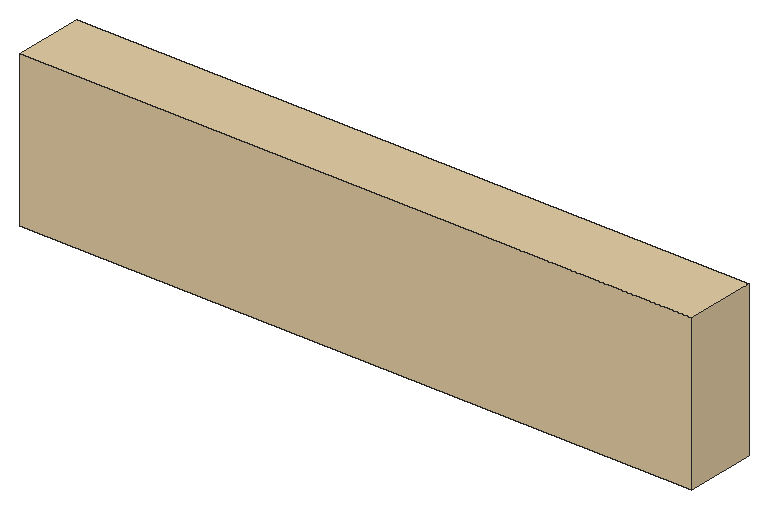
Revit family "491c92d0595d493aaf71913fa4e7071d", category Structural Framing, Revit 2021
Family settings
  Structural Framing Length Roundoff = 0' - 0"
  Section Shape = Not Defined
  Material for Model Behavior = Wood
  Always export as geometry = No
  OmniClass Number = 23.25.30.11.14.14
  OmniClass Title = Beams
  Seek Item ID = Glulam-Southern Pine-0000-USA-ENU
  Always vertical = Yes
  Cut with Voids When Loaded = No
  Symbolic Representation = From Project Settings
  Shared = No
  Show family pre-cut in plan views = Yes
Parameters (values of type "5x11")
  Structural Material [instance] = Softwood, Lumber
  A = 55.00 in²
  Assembly Code = "B10"
  Ix = 554.6
  Iy = 114.6
  Laminations = "8"
  Length [instance] = 5' - 0"
  Sx = 100.8
  Sy = 45.83
  b = 0' - 5"
  d = 0' - 11"
Types (2): name | A | Ix | Iy | Laminations | Sx | Sy | b | d
  5x11 | 55.00 in² | 554.6 | 114.6 | "8" | 100.8 | 45.83 | 0' - 5" | 0' - 11"
  3x5.5 | 16.50 in² | 41.59 | 12.38 | "4" | 15.13 | 8.25 | 0' - 3" | 0' - 5 1/2"
Reference planes (in)
  plane 1 "Center (Front/Back)": y = 0
  plane 2: z = 0
  plane 3 "Center (Left/Right)": x = 0.1815
  plane 4 "Member Left": x = -23.8185
  plane 5 "Member Right": x = 24.1815
  plane 6: y = 2.5
  plane 7: y = -2.5
  plane 8: z = 5.5
  plane 9: z = -5.5
  plane 10 "Left": x = -29.8185
  plane 11 "Stick Symbol Left": x = -17.8185
  plane 12 "Stick Symbol Right": x = 18.1815
  plane 13 "Right": x = 30.1815
Forms (in)
  Sweep 1, solid, material "Softwood, Lumber" <- "Structural Material", detail levels medium+fine
    path origin (0, 0, 0) x (1, 0, 0) y (0, 1, 0)
      loop
        line (24.1815, 0) -> (-23.8185, 0)
    profile "Rectangular Wood Beam-Profile : Rectangular Wood Beam-Profile" origin (0.1815, 0, 0) x (0, -1, 0) y (0, 0, 1)
      loop
        line (-2.5, -5.5) -> (2.5, -5.5) -> (2.5, 5.5) -> (-2.5, 5.5) -> (-2.5, -5.5)
Lines and regions (in)
  symbolic lines, style "Stick Symbols", detail levels coarse
    curve 1: line (0.1815, 2.5, 5.5) -> (0.1815, -2.5, 5.5)
    curve 2: line (0.1815, -2.5, -5.5) -> (0.1815, 2.5, -5.5)
    curve 3: line (0.1815, -2.5, 5.5) -> (0.1815, -2.5, -5.5)
    curve 4: line (0.1815, 2.5, -5.5) -> (0.1815, 2.5, 5.5)
Dimensions and locks (in)
  "b": plane 6 to plane 7
  "d": plane 9 to plane 8
  equal spacing: plane 9, plane 2, plane 8
  equal spacing: plane 6, plane 1 "Center (Front/Back)", plane 7
  "Length": plane 10 "Left" to plane 13 "Right"
  aligned and locked: Sweep 1 sketch curve to plane 1 "Center (Front/Back)"
  aligned and locked: curve 1 to Sweep 1
  aligned and locked: curve 2 to Sweep 1
  aligned and locked: curve 3 to Sweep 1
  aligned and locked: curve 4 to Sweep 1
  aligned and locked: plane 4 "Member Left" to Sweep 1 sketch curve
  aligned and locked: plane 5 "Member Right" to Sweep 1 sketch curve
